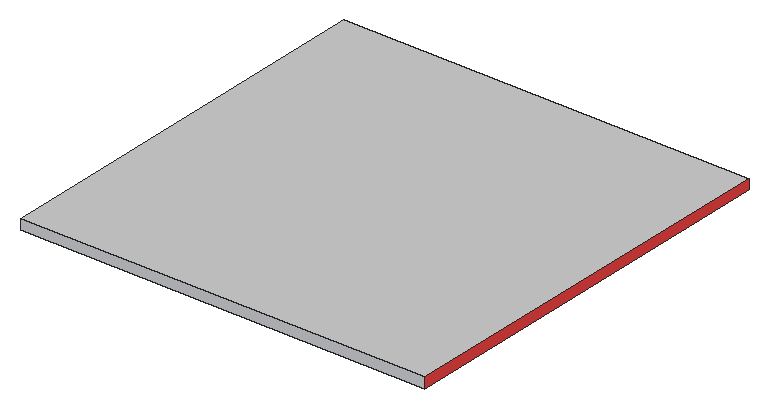
Revit family "GRIFO DUCHA KARIM DUE con accesorios de ducha", category Aparatos sanitarios, Revit 2015
Parameters (values of type "88943000")
  URL = "http://www.griferiasgalindo.com/ducha/karim-due/grifo-ducha-karim-due?c=es"
  Teléfono = "(+34) 915 782 575"
  TIPO DE AGUA = "Fria/Caliente"
  REFERENCIA = "88943000"
  Presión Máxima = "5 bar"
  PESO BRUTO = ""
  Modelo = "KARIM DUE"
  Material = LATON CROMADO
  Imagen de tipo = <Ninguno>
  Fabricante = "PRESTO IBÉRICA"
  Default Elevation = 1219.2 mm
  ENTRADA = "Hembra 3/4\" a 1/2'' con excéntrica"
  Descripción = "Grifo monomando de ducha. Esta serie de diseño tubular con cuerpo consistente y ergonomía funcional, proporciona una mezcla de estética sencilla y funcionalidad apta para todo tipo de usuarios y ambientes de baño. KARIM aporta el sistema de ahorro de agua Flowing Ecosystem con sistema de doble posición de maneta que permite ahorrar hasta un 50 % de agua. Estético, moderno, funcional y ecológico, así es KARIM DUE."
  Código de montaje = "C1030220"
  Contacto = "info@prestoiberica.com"
  Conexión AF = yes
  Conexión AC = yes
  Comentarios de tipo = "◦Grifo monomando de ducha ecológico\r\n◦Acabado Cromo\r\n◦Disponible: sin o con accesorios de ducha\r\n◦Cartucho con discos cerámicos de diámetro 35 mm"
  CIERRE = ""
  CAUDAL = "20,2 l/min a 3 bar"
  Accionamiento = "Por maneta"
Reference planes
  plane 1 "Centro (Frontal/Posterior)": y = 0
  plane 2: z = 0
  plane 3 "Centro (Izquierda/Derecha)": x = 0
Forms (mm)
  Extrusion 1, solid
    sketch origin (0, 0, 0) x (1, 0, 0) y (0, 1, 0)
      loop
        line (-100, 100) -> (-100, -100) -> (100, -100) -> (100, 100) -> (-100, 100)
    from 0 to -5
Dimensions and locks
  Extrusion 1 sketch curve to plane 1 "Centro (Frontal/Posterior)" = 100 mm
  aligned and locked: plane 2 to Extrusion 1
  aligned and locked: level to Extrusion 1
Connectors
  piping at (-83.075, 0.58, -16.856), diameter 12.7
    settings: on import instance, index 1, connector inside diameter 609.6 mm, connector length 0 mm, flow factor 0, pipe flow 0.0 L/s, pressure drop 0.0 Pa, fitting loss kfactor 0, connector angle 0.00°, fixture units 0, engagement length 0 mm, angle of deflection 0.00°, flow configuration 0, flow direction 1, fitting loss method 0, system type 19, joint type 0, gender type 0, connector reference index -1, connector utility 0, adjustable connector no, is connector primary yes, connector description ""
  piping at (66.925, 0.58, -16.9), diameter 12.7
    settings: on import instance, index 2, connector inside diameter 609.6 mm, connector length 0 mm, flow factor 0, pipe flow 0.0 L/s, pressure drop 0.0 Pa, fitting loss kfactor 0, connector angle 0.00°, fixture units 0, engagement length 0 mm, angle of deflection 0.00°, flow configuration 0, flow direction 1, fitting loss method 0, system type 20, joint type 0, gender type 0, connector reference index -1, connector utility 0, adjustable connector no, is connector primary no, connector description ""
